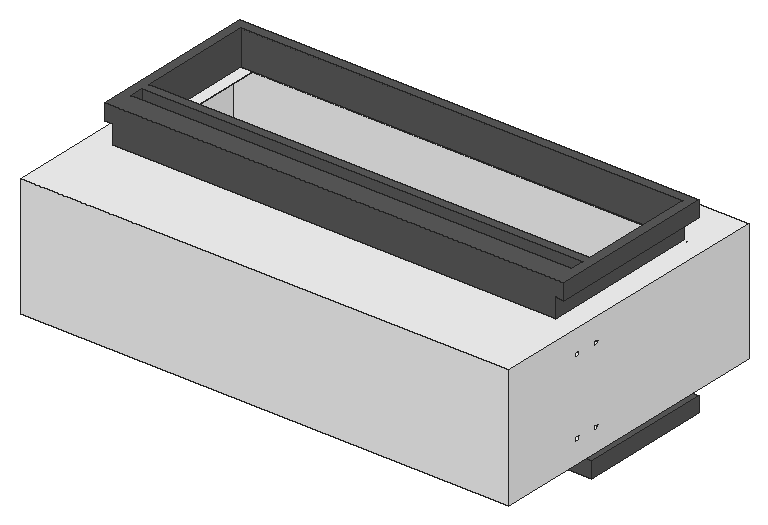
Revit family "C Series - C620STIO - Front Intake", category Generic Models, host Face, Revit 2019
Family settings
  Host = Face
  Can host rebar = No
  Round Connector Dimension = Use Diameter
  Part Type = Normal
  Cut with Voids When Loaded = Yes
  Shared = Yes
  Room Calculation Point = No
Parameters (values of type "As Specified")
  URL = "https://www.montigo.com/"
  Top Offset Right = 0"
  Top Offset Left = 0"
  Manufacturer Website = "https://www.montigo.com/"
  Manufacturer Phone - Toll Free = "800-378-3115"
  Manufacturer Phone = ""
  Manufacturer Fax = ""
  Manufacturer Address = "27342 Gloucester Way  Langley, BC, Canada   V4W 4A1"
  Manufacturer = "Montigo"
  Length = 84 3/16"
  Intake Duct Offset = 6"
  Height = 51 113/256"
  HVAC_Exit Diameter = 8"
  HVAC_Entry Diameter = 7"
  HVAC_BTU Output = 0.0 Btu/h
  HVAC_BTU Input = 0.0 Btu/h
  Glazing Tint = Glass - Montigo - Tint as Specified
  Frame Material = Metal - Montigo - Black
  Firebox Material = Metal - Montigo - White
  Fire Place Opening Length = 43"
  Fire Place Opening = 29"
  Description = "Montigo Fireplace as Specified"
  Depth = 20 225/256"
  Default Elevation = 48"
  COOLPack Consumption = 1200 CFM
  Base Offset Right = 9"
  Base Offset Left = 9"
  Base Offset = 1"
  Base Height = 15"
  Assembly Code = "D3020"
Reference planes (in)
  plane 1 "Center (Front/Back)": y = 0
  plane 2: z = 0
  plane 3 "Center (Left/Right)": x = 0
  plane 4: x = -42.09375
  plane 5: x = 42.09375
  plane 6: y = 25.7207
  plane 7: y = -25.7207
  plane 8: y = -10.7207
  plane 9: z = 0
  plane 10: z = -20.87891
  plane 11: z = -10.43945
  plane 12: x = -39.5
  plane 13: x = 39.5
  plane 14: y = 18.2793
Forms (in)
  Extrusion 1, solid, material "Metal - Montigo - White" <- "Firebox Material"
    sketch origin (-60.41868, -180, 0) x (-1, 0, 0) y (0, -1, 0)
      loop
        line (-18.32493, -205.7207) -> (-18.32493, -154.2793) -> (-102.51243, -154.2793) -> (-102.51243, -205.7207) -> (-18.32493, -205.7207)
    from 0 to -20.87891
  Extrusion 2, solid, material "Metal - Montigo - Black" <- "Frame Material"
    sketch origin (-60.41868, -180, 0) x (-1, 0, 0) y (0, -1, 0)
      loop
        line (-20.91868, -198.2793) -> (-20.91868, -169.2793) -> (-99.91868, -169.2793) -> (-99.91868, -198.2793) -> (-20.91868, -198.2793)
    from 0 to 6
  Sweep 3, void
    path in 3D
      loop
        line (39.5, -10.7207, 6) -> (39.5, 18.2793, 6) -> (-39.5, 18.2793, 6) -> (-39.5, -10.7207, 6)
    profile origin (39.5, 3.7793, 6) x (-1, 0, 0) y (0, 0, 1)
      loop
        line (0, -6) -> (1.375, -6) -> (1.375, -2.75) -> (0, -2.75) -> (0, -6)
  Extrusion 4, void
    sketch origin (-60.41868, -180, 0) x (0, -1, 0) y (-1, 0, 0)
      loop
        line (-196.7168, -20.91868) -> (-196.7168, -99.91868) -> (-176.7168, -99.91868) -> (-176.7168, -20.91868) -> (-196.7168, -20.91868)
    from 0.125 to 20.75
  Extrusion 5, void
    sketch origin (-60.41868, -180, 0) x (0, -1, 0) y (-1, 0, 0)
      loop
        line (-196.7168, -22.41868) -> (-196.7168, -98.41868) -> (-176.7168, -98.41868) -> (-176.7168, -22.41868) -> (-196.7168, -22.41868)
    from -6 to 0
  Extrusion 6, void
    sketch origin (-60.41868, -180, 0) x (0, -1, 0) y (-1, 0, 0)
      loop
        line (-196.7168, -24.41868) -> (-196.7168, -96.41868) -> (-176.7168, -96.41868) -> (-176.7168, -24.41868) -> (-196.7168, -24.41868)
    from -1 to 1
  Extrusion 7, void
    sketch origin (-60.41868, -180, 0) x (0, -1, 0) y (-1, 0, 0)
      loop
        line (-175.2168, -22.41868) -> (-175.2168, -98.41868) -> (-172.8418, -98.41868) -> (-172.8418, -22.41868) -> (-175.2168, -22.41868)
    from -6 to -3.25
  Extrusion 8, void
    sketch origin (0, -1.69589, -0.88973) x (0, 1, 0) y (0, 0, 1)
      loop
        circle (-9.46231, -16.05168) r 0.4375
      loop
        circle (-5.46231, -16.05168) r 0.4375
      loop
        circle (-9.46231, -3.05168) r 0.4375
      loop
        circle (-5.46231, -3.05168) r 0.4375
    from 42.09375 to 41.46962
  Extrusion 9, solid, material "Metal - Montigo - Black" <- "Frame Material"
    sketch origin (-60.41868, -180, -20.87891) x (0, 1, 0) y (1, 0, 0)
      loop
        line (198.2793, 20.91868) -> (198.2793, 99.91868) -> (175.2793, 99.91868) -> (175.2793, 20.91868) -> (198.2793, 20.91868)
    from 0 to 6
  Sweep 10, void
    path in 3D
      loop
        line (39.5, -10.7207, -26.87891) -> (39.5, 18.2793, -26.87891) -> (-39.5, 18.2793, -26.87891) -> (-39.5, -10.7207, -26.87891)
    profile origin (39.5, 3.7793, -26.87891) x (1, 0, 0) y (0, 0, -1)
      loop
        line (0, -6) -> (0, -2.75) -> (-1.375, -2.75) -> (-1.375, -6) -> (0, -6)
  Extrusion 11, void
    sketch origin (-60.41868, -180, -20.87891) x (1, 0, 0) y (0, 1, 0)
      loop
        line (22.41868, 196.7168) -> (22.41868, 176.7168) -> (98.41868, 176.7168) -> (98.41868, 196.7168) -> (22.41868, 196.7168)
    from -6 to 0
  Extrusion 12, void
    sketch origin (-60.41868, -180, -20.87891) x (1, 0, 0) y (0, 1, 0)
      loop
        line (24.41868, 196.7168) -> (24.41868, 176.7168) -> (96.41868, 176.7168) -> (96.41868, 196.7168) -> (24.41868, 196.7168)
    from -1 to 1
Cuts and joins
  Sweep 3, Extrusion 4, Extrusion 5, Extrusion 7, Sweep 10, Extrusion 11, Extrusion 12 cuts Extrusion 2
  Extrusion 4, Extrusion 5, Extrusion 6, Extrusion 7, Extrusion 8, Sweep 10, Extrusion 11, Extrusion 12 cuts Extrusion 1
  Sweep 10, Extrusion 11 cuts Extrusion 9
Lines and regions (in)
  symbolic lines
    curve 1: line (38.125, 53.21644, 0) -> (38.125, 49.96644, 0)
    curve 2: line (38.125, 49.96644, 0) -> (39.5, 49.96644, 0)
    curve 6: line (-38, -7.1582, 0) -> (38, -7.1582, 0)
    curve 7: line (38, -4.7832, 0) -> (-38, -4.7832, 0)
    curve 8: line (-38, -4.7832, 0) -> (-38, -7.1582, 0)
    curve 9: line (38, -4.7832, 0) -> (38, -7.1582, 0)
    curve 10: line (38, 16.7168, 0) -> (38, -3.2832, 0)
    curve 11: line (-38, -3.2832, 0) -> (-38, 16.7168, 0)
    curve 15: line (0, -4.7207, -26.87891) -> (0, -4.7207, -20.87891)
  sketch lines
    curve 3: line (39.5, -10.7207, 6) -> (39.5, 18.2793, 6)
    curve 4: line (39.5, 18.2793, 6) -> (-39.5, 18.2793, 6)
    curve 5: line (-39.5, 18.2793, 6) -> (-39.5, -10.7207, 6)
    curve 12: line (39.5, -10.7207, -26.87891) -> (39.5, 18.2793, -26.87891)
    curve 13: line (39.5, 18.2793, -26.87891) -> (-39.5, 18.2793, -26.87891)
    curve 14: line (-39.5, 18.2793, -26.87891) -> (-39.5, -10.7207, -26.87891)
Dimensions and locks (in)
  equal spacing: plane 4, plane 3 "Center (Left/Right)", plane 5
  "Length": plane 4 to plane 5
  equal spacing: plane 7, plane 1 "Center (Front/Back)", plane 6
  "Height": plane 7 to plane 6
  "Base Height": plane 7 to plane 8
  "Depth": plane 9 to plane 10
  equal spacing: plane 9, plane 11, plane 10
  locked: plane 4 to plane 12 at 2.59375
  locked: plane 13 to plane 5 at 2.59375
  "Fire Place Opening": plane 8 to plane 14
  locked: Extrusion 4 sketch curve to plane 8 at 7.4375
  locked: Extrusion 4 sketch curve to plane 14 at 1.5625
  locked: plane 8 to cut or joined group 1 (Extrusion 1, Extrusion 4, Extrusion 5, Extrusion 6, Extrusion 7, Extrusion 8, Sweep 10, Extrusion 11, Extrusion 12) at 7.4375
  locked: cut or joined group 1 to plane 14 at 1.5625
  locked: plane 12 to Extrusion 5 sketch curve at 1.5
  locked: Extrusion 5 sketch curve to plane 13 at 1.5
  locked: plane 12 to Extrusion 6 sketch curve at 3.5
  locked: Extrusion 6 sketch curve to plane 13 at 3.5
  locked: Extrusion 6 sketch curve to plane 14 at 1.5625
  locked: Extrusion 6 sketch curve to plane 8 at 7.4375
  locked: plane 12 to Extrusion 7 sketch curve at 1.5
  locked: Extrusion 7 sketch curve to plane 13 at 1.5
  locked: plane 8 to Extrusion 7 sketch curve at 5.9375
  locked: plane 8 to Extrusion 7 sketch curve at 3.5625
  locked: cut or joined group 1 to plane 5 at 0.62413
  aligned and locked: plane 2 to host face
  aligned and locked: level to host face
  aligned and locked: plane 6 to Extrusion 1 sketch curve
  aligned and locked: Extrusion 1 to plane 10
  aligned and locked: plane 5 to Extrusion 1
  aligned and locked: Extrusion 1 sketch curve to plane 7
  aligned and locked: plane 9 to level
  aligned and locked: plane 14 to Extrusion 2 sketch curve
  aligned and locked: plane 12 to Extrusion 2 sketch curve
  aligned and locked: Extrusion 2 sketch curve to plane 8
  aligned and locked: plane 13 to Extrusion 2 sketch curve
  aligned and locked: Extrusion 2 to level
  aligned and locked: plane 12 to Extrusion 4 sketch curve
  aligned and locked: plane 13 to Extrusion 4 sketch curve
  aligned and locked: Extrusion 2 to Extrusion 5
  aligned and locked: Extrusion 5 to level
  aligned and locked: Extrusion 2 to Extrusion 7
  aligned and locked: Extrusion 7 to Sweep 3
  aligned and locked: Extrusion 8 to cut or joined group 1
Automatic sketch dimensions
  host sketch curve to host sketch curve = 96"  (x2)
  Extrusion 1 sketch curve to plane 5 = 0"
  Extrusion 1 sketch curve to plane 4 = 0"
  curve 2 to plane 13 = 0"
  plane 13 to curve 2 = 1 3/8"
  plane 13 to curve 6 = 1 1/2"
  plane 12 to curve 8 = 1 1/2"
  curve 2 to plane 6 = 24.24574"
  plane 1 "Center (Front/Back)" to curve 7 = 4.7832"
  curve 7 to curve 8 = 2 3/8"
  plane 13 to curve 10 = 1 1/2"
  curve 11 to curve 7 = 0"
  curve 1 to curve 1 = 3 1/4"
  plane 14 to curve 10 = 1 9/16"
  plane 14 to curve 11 = 1 9/16"
  curve 11 to curve 7 = 1 1/2"
  curve 10 to curve 7 = 1 1/2"
  Sweep 3 sketch curve to profile plane = 0"
  Sweep 3 sketch curve to profile plane = 1 3/8"
  Sweep 3 sketch curve to profile plane = 6"
  Sweep 3 sketch curve to profile plane = 2 3/4"
  plane 14 to Extrusion 5 sketch curve = 1 9/16"
  plane 1 "Center (Front/Back)" to Extrusion 5 sketch curve = 3.2832"
  plane 8 to Extrusion 8 sketch curve = 7/16"  (x2)
  Extrusion 8 sketch curve to plane 8 = 3 9/16"  (x2)
  plane 10 to Extrusion 8 sketch curve = 3 15/16"  (x2)
  Extrusion 8 sketch curve to level = 3 241/256"  (x2)
  Extrusion 9 sketch curve to plane 12 = 0"
  Extrusion 9 sketch curve to plane 13 = 0"
  plane 14 to Extrusion 9 sketch curve = 0"
  plane 1 "Center (Front/Back)" to Extrusion 9 sketch curve = 4.7207"
  profile plane to Sweep 10 sketch curve = 0"
  Sweep 10 sketch curve to Sweep 10 sketch curve = 1 3/8"
  Sweep 10 sketch curve to profile plane = 6"
  Sweep 10 sketch curve to profile plane = 2 3/4"
  plane 12 to Extrusion 11 sketch curve = 1 1/2"
  plane 13 to Extrusion 11 sketch curve = 1 1/2"
  plane 1 "Center (Front/Back)" to Extrusion 11 sketch curve = 3.2832"
  plane 14 to Extrusion 11 sketch curve = 1 9/16"
  plane 12 to Extrusion 12 sketch curve = 3 1/2"
  plane 13 to Extrusion 12 sketch curve = 3 1/2"
  plane 1 "Center (Front/Back)" to Extrusion 12 sketch curve = 3.2832"
  plane 14 to Extrusion 12 sketch curve = 1 9/16"
  radius of Extrusion 8 sketch curve = 7/16"  (x4)
